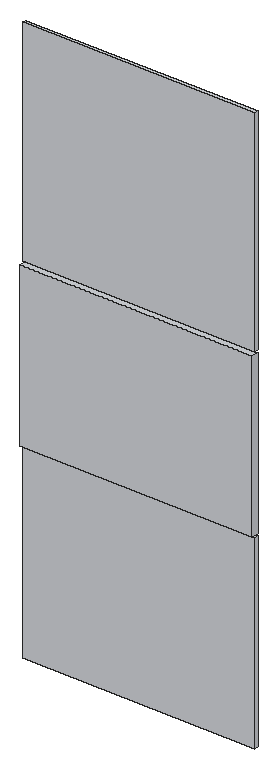
Revit family "EXP_WT-1A_CPan-004", category Curtain Panels, Revit 2021
Family settings
  OmniClass Number = 23.25.20.14.11.11.17
  OmniClass Title = Infill Panels
  Always vertical = Yes
  Cut with Voids When Loaded = No
  Shared = No
Parameters (values of type "H2 = 4'  6 1/2"")
  UI-UnitNumber [instance] = "01"
  UI-Quadrant [instance] = "SE"
  UI-ProjectAbbreviation = "NEU"
  UI-ItemCategory = "PID"
  UI-FloorNumber [instance] = "03"
  PNT-WallType = "WT1A"
  PNT-ProjectAbbreviation = "NEU"
  PNT-PanelType [instance] = "01"
  PNT-ItemCategory = "PNL"
  GlassSPH3 [instance] = 0' - 1 1/8"
  GlassSPH2(x3) [instance] = 0' - 2 3/16"
  GlassSPH1 [instance] = 0' - 1 1/8"
  GlassH3 [instance] = none
  GlassH2 [instance] = none
  GlassH1 [instance] = none
  Define Thermal Properties by = Schematic Type
  CellSp = 0' - 10 3/16"
  CellL [instance] = 6' - 10"
  CellH3 [instance] = CellH - (CellH1 + CellH2)  # 5' - 4 1/2"
  CellH2 = 4' - 6 1/2"
  CellH1 = 6' - 0 1/2"
  CellH [instance] = 15' - 11 1/2"
  CellAngle = 45.00°
  Analytic Construction = "<None>"
Reference planes (in)
  plane 1 "Center (Front/Back)": y = 0
  plane 2: z = 0
  plane 3 "Center (Left/Right)": x = 0
  plane 4 "Left": x = -41
  plane 5 "Right": x = 41
  plane 6 "Top": z = 191.5
  plane 7: z = 119
  plane 8: y = -10.1875
  plane 9: z = 64.5
Forms (in)
  Extrusion 1, solid, material <- "GlassH3", detail levels coarse+medium
    sketch origin (0, 0, 0) x (1, 0, 0) y (0, 1, 0)
      loop
        line (41, 0) -> (-41, 0) -> (-30.8125, -10.1875) -> (41, -10.1875) -> (41, 0)
    from 0 to 64.5
  Extrusion 2, solid, material <- "GlassH2", detail levels coarse+medium
    sketch origin (0, 0, 0) x (1, 0, 0) y (0, 1, 0)
      loop
        line (41, 0) -> (-41, 0) -> (-30.8125, -10.1875) -> (41, -10.1875) -> (41, 0)
    from 64.5 to 119
  Extrusion 3, solid, material <- "GlassH1", detail levels coarse+medium
    sketch origin (0, 0, 0) x (1, 0, 0) y (0, 1, 0)
      loop
        line (41, 0) -> (-41, 0) -> (-30.8125, -10.1875) -> (41, -10.1875) -> (41, 0)
    from 119 to 191.5
Lines and regions (in)
  reference lines
    curve 1: line (-41, 0, 0) -> (4.25483, -45.25483, 0)
Text (in)
  text "Exterior" at (-92.59733, 55.75508, 0), in view "Ref. Level"
  text "Exterior" at (0, 90.18664, 173.49264), in view "Left"
  text "Exterior" at (0, 52.29083, 162.21847), in view "Right"
Dimensions and locks (in)
  equal spacing: plane 4 "Left", plane 3 "Center (Left/Right)", plane 5 "Right"  (x2)
  "CellH1": plane 7 to plane 6 "Top"
  "CellH2": plane 9 to plane 7
  "CellH": plane 2 to plane 6 "Top"
  "CellSp": plane 8 to plane 1 "Center (Front/Back)"
  "CellL": plane 4 "Left" to plane 5 "Right"
  "CellAngle": angle curve 1 to plane 1 "Center (Front/Back)"
  aligned and locked: level to plane 2
  aligned and locked: Extrusion 1 sketch curve to plane 1 "Center (Front/Back)"
  aligned and locked: Extrusion 1 sketch curve to plane 8
  aligned and locked: Extrusion 1 sketch curve to plane 5 "Right"
  aligned and locked: Extrusion 1 sketch curve to curve 1
  aligned and locked: plane 9 to Extrusion 1
  aligned and locked: Extrusion 1 to plane 2
  aligned and locked: Extrusion 2 sketch curve to plane 1 "Center (Front/Back)"
  aligned and locked: Extrusion 2 sketch curve to plane 8
  aligned and locked: Extrusion 2 sketch curve to plane 5 "Right"
  aligned and locked: Extrusion 2 sketch curve to curve 1
  aligned and locked: plane 7 to Extrusion 2
  aligned and locked: Extrusion 2 to plane 9
  aligned and locked: Extrusion 3 sketch curve to plane 1 "Center (Front/Back)"
  aligned and locked: Extrusion 3 sketch curve to plane 8
  aligned and locked: Extrusion 3 sketch curve to plane 5 "Right"
  aligned and locked: Extrusion 3 sketch curve to curve 1
  aligned and locked: Extrusion 3 to plane 6 "Top"
  aligned and locked: Extrusion 3 to plane 7
  aligned and locked: nested 1 to plane 4 "Left"
  aligned and locked: nested 1 to plane 5 "Right"
  aligned and locked: nested 2 to Extrusion 3
  aligned and locked: nested 2 to level
  aligned and locked: plane 6 "Top" to nested 2
  aligned and locked: plane 1 "Center (Front/Back)" to nested 3
  aligned and locked: plane 2 to Extrusion 1
  aligned and locked: nested 3 to plane 6 "Top"
  aligned and locked: plane 4 "Left" to nested 3
  aligned and locked: plane 5 "Right" to nested 3
  aligned and locked: plane 1 "Center (Front/Back)" to nested 4
  aligned and locked: nested 4 to plane 6 "Top"
  aligned and locked: plane 7 to nested 4
  aligned and locked: plane 5 "Right" to nested 4
  aligned and locked: plane 4 "Left" to nested 4
  aligned and locked: plane 1 "Center (Front/Back)" to nested 5
  aligned and locked: plane 7 to nested 5
  aligned and locked: plane 9 to nested 5
  aligned and locked: plane 5 "Right" to nested 5
  aligned and locked: plane 4 "Left" to nested 5
  aligned and locked: plane 1 "Center (Front/Back)" to nested 6
  aligned and locked: plane 9 to nested 6
  aligned and locked: plane 2 to nested 6
  aligned and locked: plane 5 "Right" to nested 6
  aligned and locked: plane 4 "Left" to nested 6
Automatic sketch dimensions
  plane 1 "Center (Front/Back)" to curve 1 = 0' - 0"
  curve 1 to plane 4 "Left" = 0' - 0"
Nested families (in)
  nested 1: "EXP_WT-1A_DetO-002" at (-41, 0, 0), CellAngle <- "CellAngle", type "EXP_WT-1A_DetO-002"
    with built-in parameter 1001306 6.8333 (stored number, unit not read), CellAngle 45.00°
  nested 2: "EXP_WT-1A_DetO-004" at (0, 0, 191.5) x (0, 0, -1) z (1, 0, 0), CellH1 <- "CellH1", CellH2 <- "CellH2", type "EXP_WT-1A_DetO-004"
    with built-in parameter 1001306 15.958 (stored number, unit not read), CellH2 4' - 6 1/2", CellH1 6' - 0 1/2", CellH 15' - 11 1/2"
  nested 3: "EXP_xx_DetO-002" at (0, 0, 0), CellH <- "CellH", CellL <- "CellL", type "EXP_xx_DetO-002", detail levels coarse
    with CellL 6' - 10", CellH 15' - 11 1/2"
  nested 4: "EXP_WT-1x_IG-003" at (0, 0, 155.25), MaterialGlass <- "GlassH1", GlassSP <- "GlassSPH1", type "A = 90_GlassSP = H1", detail levels fine
    with MaterialGlass none, GlassSP 0' - 1 1/8", GlassL 6' - 4.87402", GlassH 5' - 10 13/16", CellL 6' - 10", CellH 6' - 0 1/2"
  nested 5: "EXP_WT-1x_IG-003" at (0, 0, 91.75), MaterialGlass <- "GlassH2", GlassSP <- "GlassSPH2(x3)", type "A = 90_GlassSP = H2(x3)", detail levels fine
    with MaterialGlass none, GlassSP 0' - 2 3/16", GlassL 6' - 4.87402", GlassH 4' - 5 3/4", CellL 6' - 10", CellH 4' - 6 1/2"
  nested 6: "EXP_WT-1x_IG-003" at (0, 0, 32.25), MaterialGlass <- "GlassH3", GlassSP <- "GlassSPH3", type "A = 90_ GlassSP = H3", detail levels fine
    with MaterialGlass none, GlassSP 0' - 1 1/8", GlassL 6' - 4.87402", GlassH 5' - 2.56299", CellL 6' - 10", CellH 5' - 4 1/2"
Definition of nested family "EXP_WT-1x_IG-003"
  Parameters (values of type "A = 90_H2(x2) _ GlassSP = 2 1/8"")
    MaterialGlass [instance] = none
    GlassSP [instance] = 0' - 2.12598"
    GlassL [instance] = CellL - (GlassD1 + GlassD3)  # 3' - 7.69291"
    GlassH [instance] = CellH - (GlassD2 + GlassD4)  # 6' - 6.64788"
    GlassD4 = 0' - 1.43701"
    GlassD3 = 0' - 0.93701"
    GlassD2 = 0' - 0 1/2"
    GlassD1 = 0' - 4.18898"
    GMPI-ProjectAbbreviation = "NEU"
    GMPI-IteamCategory = "GLS"
    Default Elevation = 0' - 0"
    CellL [instance] = 4' - 0.8189"
    CellH [instance] = 6' - 8.58489"
  Types (20): name | GlassSP | GlassL | GlassH | GlassD4 | GlassD2 | GlassD1
    A = 90_H2(x2) _ GlassSP = 2 1/8" | 0' - 2.12598" | 3' - 7.69291" | 6' - 6.64788" | 0' - 1.43701" | 0' - 0 1/2" | 0' - 4.18898"
    A = 90_H1 _ GlassSP = 1 1/4" | 0' - 1 1/4" | 3' - 7.69291" | 6' - 6.89739" | 0' - 0 1/4" | 0' - 1 7/16" | 0' - 4.18898"
    A = 90_H2(x3) _ GlassSP = 2 1/8" | 0' - 2.12598" | 3' - 7.69291" | 6' - 7.83489" | 0' - 0 1/4" | 0' - 0 1/2" | 0' - 4.18898"
    A = 90_H3 _ GlassSP = 1 1/4" | 0' - 1 1/4" | 3' - 7.69291" | 6' - 6.64788" | 0' - 1.43701" | 0' - 0 1/2" | 0' - 4.18898"
    A = 90_H _ GlassSP = 1 1/4" | 0' - 1 1/4" | 3' - 7.69291" | 6' - 5.71088" | 0' - 1.43701" | 0' - 1.43701" | 0' - 4.18898"
    A = 78_H _ GlassSP = 1 1/4" | 0' - 1 1/4" | 3' - 6.75591" | 6' - 5.71088" | 0' - 1.43701" | 0' - 1.43701" | 0' - 5.12598"
    A = 78_H1 _ GlassSP = 1 1/4" | 0' - 1 1/4" | 3' - 6.75591" | 6' - 6.89739" | 0' - 0 1/4" | 0' - 1 7/16" | 0' - 5.12598"
    A = 78_H2(x2) _ GlassSP = 2 1/8" | 0' - 2.12598" | 3' - 6.75591" | 6' - 6.64788" | 0' - 1.43701" | 0' - 0 1/2" | 0' - 5.12598"
    A = 78_H2(x3) _ GlassSP = 2 1/8" | 0' - 2.12598" | 3' - 6.75591" | 6' - 7.83489" | 0' - 0 1/4" | 0' - 0 1/2" | 0' - 5.12598"
    A = 78_H3 _ GlassSP = 1 1/4" | 0' - 1 1/4" | 3' - 6.75591" | 6' - 6.64788" | 0' - 1.43701" | 0' - 0 1/2" | 0' - 5.12598"
    A = 90_GlassSP = H | 0' - 1 1/4" | 3' - 7.69291" | 6' - 5.71088" | 0' - 1.43701" | 0' - 1.43701" | 0' - 4.18898"
    A = 90_ GlassSP = H3 | 0' - 1 1/4" | 3' - 7.69291" | 6' - 6.64788" | 0' - 1.43701" | 0' - 0 1/2" | 0' - 4.18898"
    A = 90_GlassSP = H2(x3) | 0' - 2.12598" | 3' - 7.69291" | 6' - 7.83489" | 0' - 0 1/4" | 0' - 0 1/2" | 0' - 4.18898"
    A = 90_GlassSP = H2(x2) | 0' - 2.12598" | 3' - 7.69291" | 6' - 6.64788" | 0' - 1.43701" | 0' - 0 1/2" | 0' - 4.18898"
    A = 90_GlassSP = H1 | 0' - 1 1/4" | 3' - 7.69291" | 6' - 6.89739" | 0' - 0 1/4" | 0' - 1 7/16" | 0' - 4.18898"
    A = 78_GlassSP = H | 0' - 1 1/4" | 3' - 6.75591" | 6' - 5.71088" | 0' - 1.43701" | 0' - 1.43701" | 0' - 5.12598"
    A = 78_ GlassSP = H3 | 0' - 1 1/4" | 3' - 6.75591" | 6' - 6.64788" | 0' - 1.43701" | 0' - 0 1/2" | 0' - 5.12598"
    A = 78_ GlassSP = H2(x3) | 0' - 2.12598" | 3' - 6.75591" | 6' - 7.83489" | 0' - 0 1/4" | 0' - 0 1/2" | 0' - 5.12598"
    A = 78_GlassSP = H2(x2) | 0' - 2.12598" | 3' - 6.75591" | 6' - 6.64788" | 0' - 1.43701" | 0' - 0 1/2" | 0' - 5.12598"
    A = 78_GlassSP = H1 | 0' - 1 1/4" | 3' - 6.75591" | 6' - 6.89739" | 0' - 0 1/4" | 0' - 1 7/16" | 0' - 5.12598"
  Reference planes (in)
    plane 1 "Center (Front/Back)": y = 0
    plane 2: z = 0
    plane 3 "Center (Left/Right)": x = 0
    plane 4: x = -24.40945
    plane 5: x = 24.40945
    plane 6: z = 40.29245
    plane 7: x = -20.22047
    plane 8: x = 23.47244
    plane 9: z = -40.29245
    plane 10: z = 39.79245
    plane 11: z = -38.85544
  Forms (in)
    Extrusion 1, solid, material <- "MaterialGlass"
      sketch origin (0, 0, 0) x (1, 0, 0) y (0, 0, 1)
        loop
          line (-20.22047, -38.85544) -> (23.47244, -38.85544) -> (23.47244, 39.79245) -> (-20.22047, 39.79245) -> (-20.22047, -38.85544)
      from 0 to 2.12598 <- "GlassSP"
  Dimensions and locks (in)
    equal spacing: plane 6, level, plane 9
    "CellH": plane 6 to plane 9
    "GlassD2": plane 6 to plane 10
    "GlassD4": plane 11 to plane 9
    equal spacing: plane 4, plane 3 "Center (Left/Right)", plane 5
    "CellL": plane 4 to plane 5
    "GlassD1": plane 4 to plane 7
    "GlassD3": plane 5 to plane 8
    aligned and locked: level to plane 2
    aligned and locked: Extrusion 1 sketch curve to plane 11
    aligned and locked: Extrusion 1 sketch curve to plane 7
    aligned and locked: plane 10 to Extrusion 1 sketch curve
    aligned and locked: plane 8 to Extrusion 1 sketch curve
Definition of nested family "EXP_WT-1A_DetO-002"
  Parameters (values of type "EXP_WT-1A_DetO-002")
    built-in parameter 1001306 [instance] = 5' - 2.99213"
    CellAngle [instance] = 45.00°
  Reference planes (in)
    plane 1 "Center (Front/Back)": y = 0
    plane 2: z = 0
    plane 3 "Left": x = 0
    plane 4 "Right": x = 62.99213
  Lines and regions (in)
    reference lines, in view "Ref. Level"
      curve 1: line (0, 0, 0) -> (62.99213, 0, 0)
      curve 17: line (0, 0, 0) -> (16.97056, -16.97056, 0)
    detail lines, in view "Ref. Level"
      curve 2: line (-0.30429, 0, 0) -> (-0.00849, 0, 0)
      curve 3: line (-0.30429, 0, 0) -> (-0.00849, 0, 0)
      curve 4: line (62.99213, -0.81795, 0) -> (62.99213, -10.1875, 0)
      curve 5: line (62.99213, -10.1875, 0) -> (60.99213, -10.1875, 0)
      curve 6: line (60.99213, -10.1875, 0) -> (60.99213, -2.43678, 0)
      curve 7: line (60.99213, -2.43678, 0) -> (62.44632, -2.43678, 0)
      curve 8: line (62.44632, -2.43678, 0) -> (62.44632, 0, 0)
      curve 9: line (62.44632, 0, 0) -> (62.74213, 0, 0)
      curve 10: line (62.74213, 0, 0) -> (62.74213, -0.81795, 0)
      curve 11: line (62.99213, -0.81795, 0) -> (62.74213, -0.81795, 0)
      curve 12: line (-0.30429, 0, 0) -> (-0.00849, 0, 0)
      curve 13: line (2.83381, 0, 0) -> (62.04971, 0, 0)
      curve 14: line (2.83381, -1.31, 0) -> (2.83381, 0, 0)
      curve 15: line (2.83381, -1.31, 0) -> (62.04971, -1.31, 0)
      curve 16: line (62.04971, -1.31, 0) -> (62.04971, 0, 0)
      curve 18: line (2.35972, -2.35972, 0) -> (10.125, -10.1875, 0)
      curve 19: line (12.59763, -10.1875, 0) -> (10.125, -10.1875, 0)
      curve 20: line (4.3571, -1.88308, 0) -> (12.59763, -10.1875, 0)
      curve 21: line (2.8356, -1.88308, 0) -> (4.3571, -1.88308, 0)
      curve 22: line (2.35972, -2.35972, 0) -> (2.8356, -1.88308, 0)
  Dimensions and locks (in)
    "built-in parameter 1001306": plane 3 "Left" to plane 4 "Right"
    "CellAngle": angle curve 17 to plane 1 "Center (Front/Back)"
    aligned and locked: plane 1 "Center (Front/Back)" to curve 1
    aligned and locked: plane 3 "Left" to curve 1
    aligned and locked: plane 4 "Right" to curve 1
    aligned and locked: curve 4 to plane 4 "Right"
    aligned and locked: curve 12 to curve 1
    aligned and locked: curve 1 to curve 13
    aligned and locked: curve 5 to curve 19
  Automatic sketch dimensions
    plane 1 "Center (Front/Back)" to curve 9 = 0' - 0"
    curve 2 to curve 2 = 0' - 0.2958"
    curve 7 to plane 4 "Right" = 0' - 2"
    curve 9 to plane 4 "Right" = 0' - 0.5458"
    curve 10 to curve 4 = 0' - 0 1/4"
    plane 1 "Center (Front/Back)" to curve 4 = 0' - 0.81795"
    curve 7 to curve 10 = 0' - 1.61883"
    curve 16 to curve 10 = 0' - 0.69242"
    curve 16 to curve 10 = 0' - 0.49205"
    curve 3 to curve 13 = 0' - 2.8423"
    curve 14 to curve 20 = 0' - 1.52329"
    curve 19 to curve 20 = 0' - 2.47263"
    curve 14 to curve 21 = 0' - 0.00179"
    curve 22 to curve 22 = 0' - 0.47588"
    curve 22 to curve 22 = 0' - 0.47664"
    plane 1 "Center (Front/Back)" to curve 21 = 0' - 1.88308"
    plane 3 "Left" to curve 20 = 1' - 0.59763"
    plane 3 "Left" to curve 21 = 0' - 4.3571"
    curve 5 to curve 6 = 0' - 7.75072"
Definition of nested family "EXP_WT-1A_DetO-004"
  Parameters (values of type "EXP_WT-1A_DetO-004")
    built-in parameter 1001306 [instance] = 12' - 11"
    CellH2 [instance] = 5' - 8"
    CellH1 [instance] = 3' - 3"
    CellH [instance] = 12' - 11"
  Reference planes (in)
    plane 1 "Center (Front/Back)": y = 0
    plane 2: z = 0
    plane 3 "Left": x = 0
    plane 4 "Right": x = 155
    plane 5: x = 39
    plane 6: x = 107
  Lines and regions (in)
    reference lines, in view "Ref. Level"
      curve 1: line (0, 0, 0) -> (155, 0, 0)
    detail lines, in view "Ref. Level"
      curve 2: line (37.25001, -10.1875, 0) -> (37.25001, -2.41263, 0)
      curve 3: line (37.25001, -2.41263, 0) -> (40.74999, -2.41263, 0)
      curve 4: line (40.74999, -2.41263, 0) -> (40.74999, -10.1875, 0)
      curve 5: line (40.74999, -10.1875, 0) -> (37.25001, -10.1875, 0)
      curve 6: line (39.27639, -2.185, 0) -> (39.27639, 0, 0)
      curve 7: line (39.27639, 0, 0) -> (106.72361, 0, 0)
      curve 8: line (106.72361, -2.185, 0) -> (39.27639, -2.185, 0)
      curve 9: line (38.52639, -1.31, 0) -> (38.52639, 0, 0)
      curve 10: line (38.52639, 0, 0) -> (1.19241, 0, 0)
      curve 11: line (38.52639, -1.31, 0) -> (1.19241, -1.31, 0)
      curve 12: line (0, -10.1875, 0) -> (2.125, -10.1875, 0)
      curve 13: line (0, -0.81812, 0) -> (0, -10.1875, 0)
      curve 14: line (0.5, 0, 0) -> (0.5, -0.81812, 0)
      curve 15: line (0.5, 0, 0) -> (0.7958, 0, 0)
      curve 16: line (0, -0.81812, 0) -> (0.5, -0.81812, 0)
      curve 17: line (0.7958, -2.43676, 0) -> (0.7958, 0, 0)
      curve 18: line (2.125, -2.43676, 0) -> (0.7958, -2.43676, 0)
      curve 19: line (2.125, -10.1875, 0) -> (2.125, -2.43676, 0)
      curve 20: line (1.19241, -1.31, 0) -> (1.19241, 0, 0)
      curve 21: line (155, 60, 0) -> (155, -10.1875, 0)
      curve 22: line (155, -10.1875, 0) -> (151.625, -10.1875, 0)
      curve 23: line (151.625, -10.1875, 0) -> (151.625, -2.43679, 0)
      curve 24: line (151.625, -2.43679, 0) -> (154.2042, -2.43679, 0)
      curve 25: line (154.2042, -2.43679, 0) -> (154.2042, 0, 0)
      curve 26: line (154.5, 0, 0) -> (154.5, -0.81812, 0)
      curve 27: line (154.2042, 0, 0) -> (154.5, 0, 0)
      curve 28: line (155, -0.81812, 0) -> (154.5, -0.81812, 0)
      curve 29: line (155, -0.81812, 0) -> (155, -10.1875, 0)
      curve 30: line (153.80789, -1.31, 0) -> (153.80789, 0, 0)
      curve 31: line (105.25001, -10.1875, 0) -> (108.74999, -10.1875, 0)
      curve 32: line (105.25001, -2.41263, 0) -> (105.25001, -10.1875, 0)
      curve 33: line (108.74999, -10.1875, 0) -> (108.74999, -2.41263, 0)
      curve 34: line (108.74999, -2.41263, 0) -> (105.25001, -2.41263, 0)
      curve 35: line (106.72361, -2.185, 0) -> (106.72361, 0, 0)
      curve 36: line (107.47361, -1.31, 0) -> (153.80789, -1.31, 0)
      curve 37: line (107.47361, -1.31, 0) -> (107.47361, 0, 0)
      curve 38: line (153.80789, 0, 0) -> (107.47361, 0, 0)
  Dimensions and locks (in)
    "built-in parameter 1001306": plane 3 "Left" to plane 4 "Right"
    "CellH": plane 3 "Left" to plane 4 "Right"
    "CellH1": plane 3 "Left" to plane 5
    "CellH2": plane 5 to plane 6
    aligned and locked: plane 1 "Center (Front/Back)" to curve 1
    aligned and locked: plane 3 "Left" to curve 1
    aligned and locked: plane 4 "Right" to curve 1
    aligned and locked: curve 1 to curve 7
    aligned and locked: curve 10 to plane 1 "Center (Front/Back)"
    aligned and locked: curve 13 to plane 3 "Left"
    aligned and locked: curve 1 to curve 15
    aligned and locked: curve 21 to plane 4 "Right"
    aligned and locked: curve 29 to plane 4 "Right"
    aligned and locked: curve 38 to curve 7
    aligned and locked: curve 5 to curve 12
    aligned and locked: curve 5 to curve 31
    aligned and locked: curve 22 to curve 31
  Automatic sketch dimensions
    plane 5 to curve 3 = 0' - 1 3/4"
    plane 1 "Center (Front/Back)" to curve 3 = 0' - 2.41263"
    curve 5 to plane 5 = 0' - 1 3/4"
    plane 5 to curve 6 = 0' - 0.27639"
    curve 6 to curve 6 = 0' - 2.185"
    curve 9 to plane 5 = 0' - 0.47361"
    plane 1 "Center (Front/Back)" to curve 13 = 0' - 0.81812"
    plane 3 "Left" to curve 14 = 0' - 0 1/2"
    curve 14 to curve 17 = 0' - 0.2958"
    curve 17 to curve 18 = 0' - 1.3292"
    curve 18 to curve 14 = 0' - 1.61864"
    curve 14 to curve 20 = 0' - 0.69242"
    curve 20 to curve 14 = 0' - 0.49188"
    curve 21 to plane 1 "Center (Front/Back)" = 5' - 0"
    curve 24 to curve 24 = 0' - 2.5792"
    plane 1 "Center (Front/Back)" to curve 27 = 0' - 0"
    curve 25 to curve 26 = 0' - 0.2958"
    curve 28 to curve 28 = 0' - 0 1/2"
    curve 30 to curve 24 = 0' - 0.39631"
    curve 24 to curve 30 = 0' - 1.12679"
    plane 1 "Center (Front/Back)" to curve 26 = 0' - 0.81812"
    curve 32 to plane 6 = 0' - 1 3/4"
    plane 6 to curve 31 = 0' - 1 3/4"
    plane 1 "Center (Front/Back)" to curve 33 = 0' - 2.41263"
    curve 35 to plane 6 = 0' - 0.27639"
    curve 36 to curve 37 = 0' - 1.31"
    plane 6 to curve 38 = 0' - 0.47361"
    curve 21 to curve 24 = 0' - 7.75071"
Definition of nested family "EXP_xx_DetO-002"
  Parameters (values of type "EXP_xx_DetO-002")
    Default Elevation = 0' - 0"
    CellL [instance] = 5' - 4.56693"
    CellH [instance] = 5' - 2.99213"
  Reference planes (in)
    plane 1 "Center (Front/Back)": y = 0
    plane 2: z = 0
    plane 3 "Center (Left/Right)": x = 0
    plane 4: x = -32.28346
    plane 5: x = 32.28346
    plane 6: z = 62.99213
  Lines and regions (in)
    model lines
      curve 1: line (-32.28346, 0, 62.99213) -> (32.28346, 0, 0)
      curve 2: line (32.28346, 0, 62.99213) -> (-32.28346, 0, 0)
  Dimensions and locks (in)
    "CellH": plane 6 to level
    equal spacing: plane 4, plane 3 "Center (Left/Right)", plane 5
    "CellL": plane 4 to plane 5
    aligned and locked: level to plane 2
  Automatic sketch dimensions
    curve 2 to level = 0' - 0"
    plane 4 to curve 2 = 0' - 0"
    plane 4 to curve 1 = 0' - 0"
    plane 5 to curve 2 = 0' - 0"
    curve 1 to level = 0' - 0"
    plane 5 to curve 1 = 0' - 0"
    curve 2 to plane 6 = 0' - 0"
    curve 1 to plane 6 = 0' - 0"
